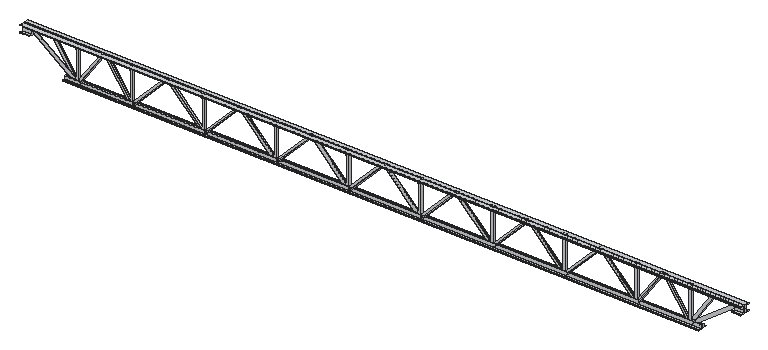
Revit family "b84ca8bc25c7409489ad358ff1eb912d", category Structural Framing, Revit 2021
Family settings
  Structural Framing Length Roundoff = 0' - 0 1/16"
  Section Shape = Not Defined
  Material for Model Behavior = Steel
  Always export as geometry = Yes
  OmniClass Number = 23.25.30.21.14.11
  OmniClass Title = Metal Joists
  Seek Item ID = LH-Series Bar Joist-0000-USA-ENU
  Always vertical = Yes
  Cut with Voids When Loaded = No
  Symbolic Representation = From Family
  Shared = No
  Show family pre-cut in plan views = Yes
Parameters (values of type "24LH05")
  Wt = 13
  Web Thickness = 0' - 1"
  Vertical Member Visibility = yes
  Variable Panel [instance] = (Length - (End Panel * 2) - IntPanelArrayLength) / 2  # 3' - 0"
  Structural Material = none
  Start Offset [instance] = 0' - 0"
  Start Extension [instance] = 0' - 0"
  Seat Length = 0' - 6"
  Seat Depth = 0' - 5"
  IntPanelWidth [instance] = Depth * 2  # 4' - 0"
  IntPanelArrayNum [instance] = (PanelAreaLength / IntPanelWidth) - 2  # 7
  IntPanelArrayLength [instance] = IntPanelArrayNum * IntPanelWidth  # 28' - 0"
  PanelAreaLength [instance] = Length - (End Panel * 2)  # 34' - 0"
  End Panel = 1.5 * Depth  # 3' - 0"
  End Offset [instance] = 0' - 0"
  End Extension [instance] = 0' - 0"
  Cord Leg = 0' - 2 1/2"
  Chord Thickness = 0' - 0 1/2"
  Assembly Code = "B1010350"
  Length [instance] = 40' - 0"
  Depth = 2' - 0"
Types (3): name | Wt | Variable Panel | IntPanelWidth | IntPanelArrayNum | IntPanelArrayLength | PanelAreaLength | End Panel | Depth
  (no name) | 13 | 3' - 0" | 4' - 0" | 7 | 28' - 0" | 34' - 0" | 3' - 0" | 2' - 0"
  24LH05 | 13 | 3' - 0" | 4' - 0" | 7 | 28' - 0" | 34' - 0" | 3' - 0" | 2' - 0"
  40LH10 | 21 | 5' - 0" | 6' - 8" | 3 | 20' - 0" | 30' - 0" | 5' - 0" | 3' - 4"
Reference planes (in)
  plane 1 "Center (Front/Back)": y = 0
  plane 2: z = 0
  plane 3 "Center (Left/Right)": x = 0.1815
  plane 4 "Member Left": x = -159.8185
  plane 5 "Member Right": x = 140.1815
  plane 6: y = 3
  plane 7: y = -3
  plane 8: z = 12
  plane 9: z = -12
  plane 10 "Left": x = -239.8185
  plane 11 "Stick Symbol Left": x = -295.8185
  plane 12 "Stick Symbol Right": x = 295.97348
  plane 13 "Right": x = 240.1815
  plane 14: z = 7
  plane 15: x = -233.8185
  plane 16: x = -203.8185
  plane 17: x = -211.8185
  plane 18: x = 234.1815
  plane 19: x = 204.1815
  plane 20: y = 0.5
  plane 21: y = -0.5
  plane 22: z = 9.5
  plane 23: z = -9.5
  plane 24: x = 212.1815
  plane 25: x = -218.8185
  plane 26: x = -167.8185
  plane 27: x = 168.1815
  plane 28: x = 219.1815
  plane 29: z = -11.75
  plane 30: z = 11.75
  plane 31: x = -239.8185
  plane 32: x = 240.1815
  plane 33: x = -239.8185
  plane 34: x = 240.1815
  plane 35 "Symbol Left": x = -295.8185
  plane 36: x = -295.8185
  plane 37: x = 295.97348
  plane 38 "Symbol Right": x = 295.97348
Forms (in)
  Extrusion 1, solid, material <- "Structural Material", detail levels medium+fine
    sketch origin (0.1815, 0, 0) x (0, 1, 0) y (0, 0, 1)
      loop
        line (3, 12) -> (0.5, 12) -> (0.5, 9.5) -> (1, 9.5) -> (1, 11.5) -> (3, 11.5) -> (3, 12)
      loop
        line (-3, 12) -> (-3, 11.5) -> (-1, 11.5) -> (-1, 9.5) -> (-0.5, 9.5) -> (-0.5, 12) -> (-3, 12)
    from -240 to 240
  Extrusion 2, solid, material <- "Structural Material", detail levels medium+fine
    sketch origin (0.1815, 0, 0) x (0, 1, 0) y (0, 0, 1)
      loop
        line (0.5, -9.5) -> (0.5, -12) -> (3, -12) -> (3, -11.5) -> (1, -11.5) -> (1, -9.5) -> (0.5, -9.5)
      loop
        line (-0.5, -9.5) -> (-1, -9.5) -> (-1, -11.5) -> (-3, -11.5) -> (-3, -12) -> (-0.5, -12) -> (-0.5, -9.5)
    from -212 to 212
  Extrusion 3, solid, material <- "Structural Material", detail levels medium+fine
    sketch origin (0.1815, 0, 0) x (0, 1, 0) y (0, 0, 1)
      loop
        line (3, 7) -> (3, 7.5) -> (1, 7.5) -> (1, 9.5) -> (0.5, 9.5) -> (0.5, 7) -> (3, 7)
      loop
        line (-3, 7) -> (-0.5, 7) -> (-0.5, 9.5) -> (-1, 9.5) -> (-1, 7.5) -> (-3, 7.5) -> (-3, 7)
    from 234 to 240
  Extrusion 4, solid, material <- "Structural Material", detail levels medium+fine
    sketch origin (0.1815, 0, 0) x (0, 1, 0) y (0, 0, 1)
      loop
        line (-3, 7) -> (-0.5, 7) -> (-0.5, 9.5) -> (-1, 9.5) -> (-1, 7.5) -> (-3, 7.5) -> (-3, 7)
      loop
        line (0.5, 7) -> (3, 7) -> (3, 7.5) -> (1, 7.5) -> (1, 9.5) -> (0.5, 9.5) -> (0.5, 7)
    from -240 to -234
  Sweep 5, solid, material <- "Structural Material", detail levels fine
    path in 3D
      loop
        line (204.1815, 0, -11.75) -> (234.1815, 0, 9.5)
    profile "Web-Profile : Web-Profile" origin (219.1815, 0, -1.125) x (-0.578017, 0, 0.816024) y (0, -1, 0)
      loop
        line (-1, 0.75) -> (-1, 0.25) -> (1, 0.25) -> (1, 0.75) -> (-1, 0.75)
  Sweep 6, solid, material <- "Structural Material", detail levels fine
    path in 3D
      loop
        line (219.06721, 0, 9.5) -> (204.1815, 0, -11.75)
    profile "Web-Profile : Web-Profile" origin (211.62436, 0, -1.125) x (0.819038, 0, -0.573739) y (0, -1, 0)
      loop
        line (-1, 0.25) -> (-1, -0.25) -> (1, -0.25) -> (1, 0.25) -> (-1, 0.25)
  Sweep 7, solid, material <- "Structural Material", detail levels fine
    path in 3D
      loop
        line (-233.8185, 0, 9.5) -> (-203.8185, 0, -11.75)
    profile "Web-Profile : Web-Profile" origin (-218.8185, 0, -1.125) x (0.578017, 0, 0.816024) y (0, -1, 0)
      loop
        line (-1, 0.25) -> (-1, -0.25) -> (1, -0.25) -> (1, 0.25) -> (-1, 0.25)
  Sweep 8, solid, material <- "Structural Material", detail levels fine
    path in 3D
      loop
        line (-203.8185, 0, -11.75) -> (-218.8185, 0, 9.5)
    profile "Web-Profile : Web-Profile" origin (-211.3185, 0, -1.125) x (-0.816968, 0, -0.576683) y (0, -1, 0)
      loop
        line (-1, 0.25) -> (-1, -0.25) -> (1, -0.25) -> (1, 0.25) -> (-1, 0.25)
Lines and regions (in)
  symbolic lines, style "StructuralFraming", detail levels coarse
    curve 1: line (0, 3, 12) -> (0, 0.5, 12)
    curve 2: line (0, -3, -12) -> (0, -0.5, -12)
    curve 14: line (0, 0.5, -12) -> (0, 3, -12)
    curve 15: line (0.1815, 0.5, -12) -> (0.1815, 0.5, -9.5)
    curve 16: line (0.1815, -0.5, -12) -> (0.1815, -0.5, -9.5)
    curve 17: line (0.1815, -0.5, 12) -> (0.1815, -0.5, 9.5)
    curve 18: line (0.1815, 0.5, 12) -> (0.1815, 0.5, 9.5)
    curve 19: line (0, -0.5, 12) -> (0, -3, 12)
  symbolic lines, style "StructuralFraming", detail levels coarse+medium
    curve 3: line (0, 0, -12) -> (0, 0, 12)
  reference lines
    curve 4: line (-289.8185, 0, -16.86251) -> (-289.8185, 0, 15.13749)
    curve 5: line (-253.8185, 0, -17.11251) -> (-253.8185, 0, 15.13749)
    curve 6: line (289.97348, 0, -14.77905) -> (289.97348, 0, 15.22095)
    curve 7: line (253.97348, 0, -19.77905) -> (253.97348, 0, 15.22095)
  model lines, style "Web Joist", detail levels coarse
    curve 8: line (253.97348, 0, -12) -> (-253.8185, 0, -12)
    curve 9: line (295.97348, 0, 12) -> (-295.8185, 0, 12)
    curve 20: line (-253.8185, 0, -12) -> (-289.8185, 0, 12)
    curve 21: line (253.97348, 0, -12) -> (289.97348, 0, 12)
  model lines, style "StructuralFraming", detail levels medium
    curve 10: line (-203.8185, 0, -11.75) -> (-218.8185, 0, 9.5)
    curve 11: line (-233.8185, 0, 9.5) -> (-203.8185, 0, -11.75)
    curve 12: line (219.06721, 0, 9.5) -> (204.1815, 0, -11.75)
    curve 13: line (204.1815, 0, -11.75) -> (234.1815, 0, 9.5)
  sketch lines
    curve 22: line (204.1815, 0, -11.75) -> (234.1815, 0, 9.5)
    curve 23: line (219.06721, 0, 9.5) -> (204.1815, 0, -11.75)
    curve 24: line (-233.8185, 0, 9.5) -> (-203.8185, 0, -11.75)
    curve 25: line (-203.8185, 0, -11.75) -> (-218.8185, 0, 9.5)
  symbolic lines, style "StructuralFraming", detail levels fine
    curve 26: line (0.1815, 0.5, 9.5) -> (0.1815, 0.5, -9.5)
  symbolic lines, detail levels fine
    curve 27: line (0.1815, -0.5, 9.5) -> (0.1815, -0.5, -9.5)
    curve 28: line (0.1815, 0.5, 11.75) -> (0.1815, -0.5, 11.75)
    curve 29: line (0.1815, 0.5, -11.75) -> (0.1815, -0.5, -11.75)
Dimensions and locks (in)
  equal spacing: plane 9, plane 2, plane 8
  "Length": plane 10 "Left" to plane 13 "Right"
  equal spacing: plane 10 "Left", plane 3 "Center (Left/Right)", plane 13 "Right"
  "End Panel": curve 5 to curve 4
  "End Panel": curve 6 to curve 7
  "Depth": plane 9 to plane 8
  "Seat Depth": plane 8 to plane 14
  locked: plane 17 to plane 16 at 8
  "End Panel": plane 10 "Left" to plane 16
  "End Panel": plane 13 "Right" to plane 19
  "Web Thickness": plane 20 to plane 21
  equal spacing: plane 20, plane 1 "Center (Front/Back)", plane 21
  "Cord Leg": plane 21 to plane 7
  "Cord Leg": plane 6 to plane 20
  "Cord Leg": plane 9 to plane 23
  "Cord Leg": plane 22 to plane 8
  "Chord Thickness": plane 8 to Extrusion 1 sketch curve
  "Chord Thickness": Extrusion 1 sketch curve to plane 8
  "Chord Thickness": plane 21 to Extrusion 1 sketch curve
  "Chord Thickness": Extrusion 1 sketch curve to plane 20
  "Chord Thickness": plane 9 to Extrusion 2 sketch curve  (x2)
  "Chord Thickness": Extrusion 2 sketch curve to plane 20
  "Chord Thickness": plane 21 to Extrusion 2 sketch curve
  plane 19 to plane 24 = 0' - 8"
  "Chord Thickness": plane 14 to Extrusion 3 sketch curve  (x2)
  "Chord Thickness": plane 21 to Extrusion 3 sketch curve
  "Chord Thickness": Extrusion 3 sketch curve to plane 20
  "Chord Thickness": plane 14 to Extrusion 4 sketch curve  (x2)
  "Chord Thickness": Extrusion 4 sketch curve to plane 20
  "Chord Thickness": plane 21 to Extrusion 4 sketch curve
  locked: plane 29 to plane 9 at 0.25
  locked: plane 8 to plane 30 at 0.25
  equal spacing: plane 16, plane 25, plane 15
  equal spacing: plane 18, plane 28, plane 19
  equal spacing: plane 27, plane 3 "Center (Left/Right)", plane 26
  "IntPanelArrayLength": plane 27 to plane 26
  equal spacing: group 1, group 3, group 4, group 5, group 6, group 7, group 2  (x2)
  equal spacing: group 2, group 7, group 6, group 5, group 4, group 3, group 1
  "Start Offset": plane 10 "Left" to plane 33
  "Seat Length": plane 15 to plane 33
  "Start Extension": plane 31 to plane 33
  "End Offset": plane 34 to plane 13 "Right"
  "Seat Length": plane 18 to plane 34
  "End Extension": plane 34 to plane 32
  "Seat Length": curve 4 to plane 36
  "Start Offset": plane 36 to plane 11 "Stick Symbol Left"
  "Start Extension": plane 36 to plane 35 "Symbol Left"
  "Seat Length": plane 37 to curve 6
  "End Extension": plane 38 "Symbol Right" to plane 37
  "End Offset": plane 12 "Stick Symbol Right" to plane 37
  aligned and locked: curve 8 to plane 9
  aligned and locked: curve 9 to plane 8
  aligned and locked: curve 5 to curve 8
  aligned and locked: curve 7 to curve 8
  aligned and locked: plane 8 to Extrusion 1 sketch curve
  aligned and locked: Extrusion 1 sketch curve to plane 8
  aligned and locked: plane 6 to Extrusion 1 sketch curve
  aligned and locked: plane 7 to Extrusion 1 sketch curve
  aligned and locked: Extrusion 1 sketch curve to plane 22
  aligned and locked: plane 22 to Extrusion 1 sketch curve
  aligned and locked: plane 9 to Extrusion 2 sketch curve
  aligned and locked: Extrusion 2 sketch curve to plane 9
  aligned and locked: plane 6 to Extrusion 2 sketch curve
  aligned and locked: plane 7 to Extrusion 2 sketch curve
  aligned and locked: plane 20 to Extrusion 2 sketch curve
  aligned and locked: plane 21 to Extrusion 2 sketch curve
  aligned and locked: Extrusion 2 sketch curve to plane 23
  aligned and locked: plane 23 to Extrusion 2 sketch curve
  aligned and locked: plane 24 to Extrusion 2
  aligned and locked: plane 17 to Extrusion 2
  aligned and locked: Extrusion 3 sketch curve to plane 7
  aligned and locked: plane 14 to Extrusion 3 sketch curve
  aligned and locked: Extrusion 3 sketch curve to plane 14
  aligned and locked: Extrusion 3 sketch curve to plane 6
  aligned and locked: Extrusion 3 sketch curve to plane 21
  aligned and locked: Extrusion 3 sketch curve to plane 20
  aligned and locked: Extrusion 3 sketch curve to plane 22
  aligned and locked: plane 22 to Extrusion 3 sketch curve
  aligned and locked: Extrusion 3 to plane 18
  aligned and locked: plane 6 to Extrusion 4 sketch curve
  aligned and locked: Extrusion 4 sketch curve to plane 7
  aligned and locked: Extrusion 4 sketch curve to plane 20
  aligned and locked: plane 21 to Extrusion 4 sketch curve
  aligned and locked: plane 22 to Extrusion 4 sketch curve  (x2)
  aligned and locked: Extrusion 4 sketch curve to plane 14  (x2)
  aligned and locked: plane 15 to Extrusion 4
  aligned and locked: Extrusion 2 to curve 15
  aligned and locked: curve 15 to Extrusion 2
  aligned and locked: curve 2 to curve 16
  aligned and locked: curve 16 to Extrusion 2
  aligned and locked: Extrusion 1 to curve 17
  aligned and locked: curve 17 to Extrusion 1
  aligned and locked: curve 18 to Extrusion 1  (x2)
  aligned and locked: curve 1 to Extrusion 1
  aligned and locked: plane 1 "Center (Front/Back)" to nested 1
  aligned and locked: plane 26 to nested 1
  aligned and locked: plane 27 to nested 2
  aligned and locked: plane 1 "Center (Front/Back)" to nested 4
  aligned and locked: nested 4 to plane 16
  aligned and locked: Extrusion 4 to curve 11
  aligned and locked: curve 13 to Extrusion 3
  aligned and locked: plane 25 to curve 10
  aligned and locked: curve 4 to curve 20
  aligned and locked: curve 6 to curve 21
  aligned and locked: plane 31 to Extrusion 1
  aligned and locked: plane 31 to Extrusion 4
  aligned and locked: Extrusion 3 to plane 32
  aligned and locked: Extrusion 1 to plane 32
  aligned and locked: plane 1 "Center (Front/Back)" to nested 5
  aligned and locked: nested 5 to plane 27
  aligned and locked: plane 9 to nested 4
  aligned and locked: plane 9 to nested 1
  aligned and locked: plane 9 to nested 5
  aligned and locked: plane 35 "Symbol Left" to curve 9
  aligned and locked: plane 38 "Symbol Right" to curve 9
Automatic sketch dimensions
  Extrusion 1 sketch curve to plane 21 = 0' - 0"
  Extrusion 1 sketch curve to plane 20 = 0' - 0"
  curve 14 to plane 6 = 0' - 0"
  curve 1 to plane 6 = 0' - 0"
  curve 14 to plane 9 = 0' - 0"
  curve 14 to plane 20 = 0' - 0"
  curve 1 to plane 20 = 0' - 0"
  curve 19 to plane 8 = 0' - 0"
  curve 19 to plane 21 = 0' - 0"
  curve 19 to plane 7 = 0' - 0"
  curve 2 to plane 7 = 0' - 0"
  curve 2 to plane 9 = 0' - 0"
  curve 2 to plane 21 = 0' - 0"
  curve 3 to plane 1 "Center (Front/Back)" = 0' - 0"
  curve 3 to plane 9 = 0' - 0"
  curve 29 to plane 29 = 0' - 0"
  curve 16 to plane 23 = 0' - 0"
  curve 26 to plane 23 = 0' - 0"
  curve 26 to plane 22 = 0' - 0"
  curve 17 to plane 22 = 0' - 0"
  curve 28 to plane 30 = 0' - 0"
  curve 3 to plane 8 = 0' - 0"
  plane 9 to curve 7 = 0' - 7.77905"
  plane 9 to curve 5 = 0' - 5.11251"
  plane 9 to curve 4 = 0' - 4.86251"
  plane 9 to curve 6 = 0' - 2.77905"
  curve 5 to plane 8 = 0' - 3.13749"
  curve 4 to plane 8 = 0' - 3.13749"
  curve 7 to plane 8 = 0' - 3.22095"
  curve 6 to plane 8 = 0' - 3.22095"
  curve 11 to plane 15 = 0' - 0"
  plane 16 to curve 10 = 0' - 0"
  curve 12 to plane 19 = 0' - 0"
  curve 12 to plane 22 = 0' - 0"
  curve 13 to plane 18 = 0' - 0"
  curve 10 to plane 29 = 0' - 0"
  curve 13 to plane 29 = 0' - 0"
  curve 10 to plane 22 = 0' - 0"
  plane 28 to curve 12 = 0' - 0.11429"
Nested families (in)
  nested 1: "Angled Web" at (-167.8185, 0, 0), type "Angled Web"
  nested 2: "Angled Web" at (120.1815, 0, 0), type "Angled Web"
  nested 3: "Angled Web" at (-119.8185, 0, 0), type "Angled Web"
  nested 4: "Angled Web-Variable-Left" at (-203.8185, 0, 0), PanelWidth <- "Variable Panel", type "Angled Web-Variable-Left"
    with PanelWidth 3' - 0"
  nested 5: "Angled Web-Variable-Right" at (168.1815, 0, 0), PanelWidth <- "Variable Panel", type "Angled Web-Variable-Right"
    with PanelWidth 3' - 0"
  nested 6: "Angled Web" at (-71.8185, 0, 0), type "Angled Web"
  nested 7: "Angled Web" at (-23.8185, 0, 0), type "Angled Web"
  nested 8: "Angled Web" at (24.1815, 0, 0), type "Angled Web"
  nested 9: "Angled Web" at (72.1815, 0, 0), type "Angled Web"
Definition of nested family "Angled Web"
  Parameters
    WebMaterial = none
    Web Thickness = Thickness / 2  # 0' - 0 1/2"
    Web Offset = Web Leg / 2  # 0' - 1"
    Web Leg = 0' - 2"
    Vertical Member Visibility = yes
    Thickness = 0' - 1"
    PanelHeight = 2' - 0"
    PanelWidth = 4' - 0"
    Assembly Code = ""
  Reference planes (in)
    plane 1 "Center (Front/Back)": y = 0
    plane 2: z = 0
    plane 3 "Center (Left/Right)": x = 0
    plane 4: x = 48
    plane 5: x = 24
    plane 6: z = -12
    plane 7: z = -11
    plane 8: z = 11
    plane 9: z = 12
    plane 10: y = -0.5
    plane 11: y = 0.5
    plane 12: z = 9.5
    plane 13: z = -9.5
  Forms (in)
    Sweep 1, solid, material <- "WebMaterial", detail levels fine
      path in 3D
        loop
          line (0, 0, -11) -> (1, 0, -11) -> (23, 0, 11) -> (25, 0, 11)
      profile origin (0.5, 0, -11) x (0, 0, 1) y (0, -1, 0)
        loop
          line (1, 0) -> (1, 0.5) -> (-1, 0.5) -> (-1, 0) -> (1, 0)
    Sweep 2, solid, material <- "WebMaterial", detail levels fine
      path in 3D
        loop
          line (48, 0, -11) -> (47, 0, -11) -> (25, 0, 11) -> (23, 0, 11)
      profile origin (47.5, 0, -11) x (0, 0, -1) y (0, -1, 0)
        loop
          line (-1, -0.5) -> (1, -0.5) -> (1, 0) -> (-1, 0) -> (-1, -0.5)
    Sweep 3, solid, material <- "WebMaterial", detail levels fine
      path in 3D
        loop
          line (3.91421, -0.5, -9.5) -> (22.91421, -0.5, 9.5)
      profile origin (13.41421, -0.5, 0) x (-0.707107, 0, 0.707107) y (0, -1, 0)
        loop
          line (0, 0) -> (0.5, 0) -> (0.5, 1.5) -> (0, 1.5) -> (0, 0)
    Sweep 4, solid, material <- "WebMaterial", detail levels fine
      path in 3D
        loop
          line (44.08579, 0.5, -9.5) -> (25.08579, 0.5, 9.5)
      profile origin (34.58579, 0.5, 0) x (0.707107, 0, 0.707107) y (0, 1, 0)
        loop
          line (0, 0) -> (0.5, 0) -> (0.5, 1.5) -> (0, 1.5) -> (0, 0)
    Sweep 5, solid, material <- "WebMaterial", visible <- "Vertical Member Visibility", detail levels fine
      path origin (0, 0, 0) x (1, 0, 0) y (0, 1, 0)
        loop
          line (48, 0.5) -> (48, -0.5)
      profile origin (48, 0, 0) x (1, 0, 0) y (0, 0, 1)
        loop
          line (-1, 12) -> (-1, 8.75) -> (-0.5625, 8.3125) -> (-0.5625, -8.3125) -> (-1, -8.75) -> (-1, -12) -> (1, -12) -> (1, 12) -> (-1, 12)
  Cuts and joins
    joined: Sweep 1, Sweep 3
    joined: Sweep 2, Sweep 4
  Lines and regions (in)
    model lines, detail levels medium+fine
      curve 1: line (0, 0, -12) -> (0, 0, 12)
      curve 2: line (0, 0, 12) -> (48, 0, 12)
      curve 3: line (48, 0, 12) -> (48, 0, -12)
      curve 4: line (48, 0, -12) -> (0, 0, -12)
    model lines, detail levels medium
      curve 5: line (23, 0, 11) -> (25, 0, 11)
      curve 6: line (0, 0, -11) -> (1, 0, -11)
      curve 7: line (48, 0, -11) -> (47, 0, -11)
      curve 8: line (1, 0, -11) -> (23, 0, 11)
      curve 9: line (25, 0, 11) -> (47, 0, -11)
    sketch lines
      curve 10: line (0, 0, -11) -> (1, 0, -11)
      curve 11: line (1, 0, -11) -> (23, 0, 11)
      curve 12: line (23, 0, 11) -> (25, 0, 11)
      curve 13: line (48, 0, -11) -> (47, 0, -11)
      curve 14: line (25, 0, 11) -> (47, 0, -11)
      curve 15: line (23, 0, 11) -> (25, 0, 11)
      curve 16: line (3.91421, -0.5, -9.5) -> (22.91421, -0.5, 9.5)
      curve 17: line (44.08579, 0.5, -9.5) -> (25.08579, 0.5, 9.5)
    model lines, visible <- "Vertical Member Visibility", detail levels medium
      curve 18: line (48, 0, 12) -> (48, 0, -12)
  Dimensions and locks (in)
    "PanelWidth": plane 4 to plane 3 "Center (Left/Right)"
    equal spacing: plane 4, plane 5, plane 3 "Center (Left/Right)"
    plane 7 to plane 6 = 0' - 1"
    "Thickness": plane 9 to plane 8
    "PanelHeight": plane 9 to plane 6
    equal spacing: plane 9, plane 2, plane 6
    "Thickness": plane 11 to plane 10
    equal spacing: plane 11, plane 1 "Center (Front/Back)", plane 10
    locked: plane 9 to plane 12 at 2.5
    plane 13 to plane 6 = 0' - 2 1/2"
    "Web Offset": plane 7 to plane 6
    "Web Offset": curve 6 to plane 3 "Center (Left/Right)"
    "Web Offset": curve 7 to plane 4
    "Web Offset": plane 5 to curve 5
    "Web Offset": curve 5 to plane 5
    "Web Leg": Sweep 1 sketch curve to Sweep 1 sketch curve
    equal spacing: Sweep 1 sketch curve, plane 7, Sweep 1 sketch curve
    equal spacing: Sweep 2 sketch curve, profile plane, Sweep 2 sketch curve
    "Web Leg": Sweep 2 sketch curve to Sweep 2 sketch curve
    "Web Leg": plane 1 "Center (Front/Back)" to Sweep 3 sketch curve
    "Web Thickness": Sweep 3 sketch curve to Sweep 3 sketch curve
    "Web Leg": plane 1 "Center (Front/Back)" to Sweep 4 sketch curve
    "Web Thickness": Sweep 4 sketch curve to Sweep 4 sketch curve
    locked: Sweep 5 sketch curve to Sweep 5 sketch curve at 3.25  (x2)
    equal spacing: Sweep 5 sketch curve, plane 4, Sweep 5 sketch curve  (x2)
    "Web Leg": Sweep 5 sketch curve to Sweep 5 sketch curve
    locked: Sweep 5 sketch curve to Sweep 5 sketch curve at 0.4375
    equal spacing: Sweep 5 sketch curve, plane 2, Sweep 5 sketch curve
    locked: Sweep 5 sketch curve to Sweep 5 sketch curve (angle 135.00°)  (x2)
    aligned and locked: plane 8 to curve 5
    aligned and locked: curve 7 to plane 7
    aligned and locked: plane 7 to curve 6
    aligned and locked: plane 9 to curve 2
    aligned and locked: plane 10 to Sweep 1 sketch curve
    aligned and locked: Sweep 1 sketch curve to plane 1 "Center (Front/Back)"
    aligned and locked: Sweep 2 sketch curve to plane 11
    aligned and locked: profile plane to Sweep 2 sketch curve
    aligned and locked: Sweep 1 to curve 16
    aligned and locked: Sweep 3 sketch curve to profile plane
    aligned and locked: plane 10 to Sweep 3 sketch curve
    aligned and locked: Sweep 4 sketch curve to plane 11
    aligned and locked: profile plane to Sweep 4 sketch curve
    aligned and locked: plane 4 to Sweep 5 sketch curve
    aligned and locked: plane 11 to Sweep 5 sketch curve
    aligned and locked: plane 10 to Sweep 5 sketch curve
    aligned and locked: plane 9 to Sweep 5 sketch curve
    aligned and locked: Sweep 5 sketch curve to plane 6
    aligned and locked: plane 3 "Center (Left/Right)" to curve 1
    aligned and locked: curve 4 to plane 6
    aligned and locked: plane 4 to curve 18
    aligned and locked: curve 2 to curve 18
Definition of nested family "Angled Web-Variable-Left"
  Parameters
    WebMaterial = none
    Web Thickness = Thickness / 2  # 0' - 0 1/2"
    Web Offset = Web Leg / 2  # 0' - 1"
    Web Leg = 0' - 2"
    Vertical Member Visibility = yes
    Thickness = 0' - 1"
    PanelHeight = 2' - 0"
    PanelWidth [instance] = 5' - 0"
    Assembly Code = ""
  Reference planes (in)
    plane 1 "Center (Front/Back)": y = 0
    plane 2: z = 0
    plane 3 "Center (Left/Right)": x = 0
    plane 4: x = 60
    plane 5: x = 30
    plane 6: z = -12
    plane 7: z = -11
    plane 8: z = 11
    plane 9: z = 12
    plane 10: y = -0.5
    plane 11: y = 0.5
    plane 12: z = 9.5
    plane 13: z = -9.5
  Forms (in)
    Sweep 1, solid, material <- "WebMaterial", detail levels fine
      path in 3D
        loop
          line (0, 0, -11) -> (1, 0, -11) -> (29, 0, 11) -> (31, 0, 11)
      profile origin (0.5, 0, -11) x (0, 0, 1) y (0, -1, 0)
        loop
          line (1, 0) -> (1, 0.5) -> (-1, 0.5) -> (-1, 0) -> (1, 0)
    Sweep 2, solid, material <- "WebMaterial", detail levels fine
      path in 3D
        loop
          line (60, 0, -11) -> (59, 0, -11) -> (31, 0, 11) -> (29, 0, 11)
      profile origin (59.5, 0, -11) x (0, 0, -1) y (0, -1, 0)
        loop
          line (-1, -0.5) -> (1, -0.5) -> (1, 0) -> (-1, 0) -> (-1, -0.5)
    Sweep 3, solid, material <- "WebMaterial", detail levels fine
      path in 3D
        loop
          line (4.12592, -0.5, -9.81567) -> (28.78985, -0.5, 9.56313)
      profile origin (16.45789, -0.5, -0.12627) x (-0.617822, 0, 0.786318) y (0, -1, 0)
        loop
          line (0, 0) -> (0.5, 0) -> (0.5, 1.5) -> (0, 1.5) -> (0, 0)
    Sweep 4, solid, material <- "WebMaterial", detail levels fine
      path in 3D
        loop
          line (55.87408, 0.5, -9.81567) -> (31.21015, 0.5, 9.56313)
      profile origin (43.54211, 0.5, -0.12627) x (0.617822, 0, 0.786318) y (0, 1, 0)
        loop
          line (0, 0) -> (0.5, 0) -> (0.5, 1.5) -> (0, 1.5) -> (0, 0)
    Sweep 5, solid, material <- "WebMaterial", visible <- "Vertical Member Visibility", detail levels fine
      path origin (0, 0, 0) x (1, 0, 0) y (0, 1, 0)
        loop
          line (0, 0.5) -> (0, -0.5)
      profile origin (0, 0, 0) x (1, 0, 0) y (0, 0, 1)
        loop
          line (-1, 12) -> (-1, 8.75) -> (-0.5625, 8.3125) -> (-0.5625, -8.3125) -> (-1, -8.75) -> (-1, -12) -> (1, -12) -> (1, 12) -> (-1, 12)
    Sweep 6, solid, material <- "WebMaterial", visible <- "Vertical Member Visibility", detail levels fine
      path origin (0, 0, 0) x (1, 0, 0) y (0, 1, 0)
        loop
          line (60, 0.5) -> (60, -0.5)
      profile origin (60, 0, 0) x (1, 0, 0) y (0, 0, 1)
        loop
          line (-1, 12) -> (-1, 8.75) -> (-0.5625, 8.3125) -> (-0.5625, -8.3125) -> (-1, -8.75) -> (-1, -12) -> (1, -12) -> (1, 12) -> (-1, 12)
  Cuts and joins
    joined: Sweep 1, Sweep 3
    joined: Sweep 2, Sweep 4
  Lines and regions (in)
    model lines, detail levels medium+fine
      curve 1: line (0, 0, -12) -> (0, 0, 12)
      curve 2: line (0, 0, 12) -> (60, 0, 12)
      curve 3: line (60, 0, 12) -> (60, 0, -12)
      curve 4: line (60, 0, -12) -> (0, 0, -12)
    model lines, detail levels medium
      curve 5: line (29, 0, 11) -> (31, 0, 11)
      curve 6: line (0, 0, -11) -> (1, 0, -11)
      curve 7: line (60, 0, -11) -> (59, 0, -11)
      curve 8: line (1, 0, -11) -> (29, 0, 11)
      curve 9: line (31, 0, 11) -> (59, 0, -11)
    sketch lines
      curve 10: line (0, 0, -11) -> (1, 0, -11)
      curve 11: line (1, 0, -11) -> (29, 0, 11)
      curve 12: line (29, 0, 11) -> (31, 0, 11)
      curve 13: line (60, 0, -11) -> (59, 0, -11)
      curve 14: line (31, 0, 11) -> (59, 0, -11)
      curve 15: line (29, 0, 11) -> (31, 0, 11)
      curve 16: line (4.12592, -0.5, -9.81567) -> (28.78985, -0.5, 9.56313)
      curve 17: line (55.87408, 0.5, -9.81567) -> (31.21015, 0.5, 9.56313)
    model lines, visible <- "Vertical Member Visibility", detail levels medium
      curve 18: line (0, 0, -12) -> (0, 0, 12)
      curve 19: line (60, 0, 12) -> (60, 0, -12)
  Dimensions and locks (in)
    "PanelWidth": plane 4 to plane 3 "Center (Left/Right)"
    equal spacing: plane 4, plane 5, plane 3 "Center (Left/Right)"
    plane 7 to plane 6 = 0' - 1"
    "Thickness": plane 9 to plane 8
    "PanelHeight": plane 9 to plane 6
    equal spacing: plane 9, plane 2, plane 6
    "Thickness": plane 11 to plane 10
    equal spacing: plane 11, plane 1 "Center (Front/Back)", plane 10
    locked: plane 9 to plane 12 at 2.5
    plane 13 to plane 6 = 0' - 2 1/2"
    "Web Offset": plane 7 to plane 6
    "Web Offset": curve 6 to plane 3 "Center (Left/Right)"
    "Web Offset": curve 7 to plane 4
    "Web Offset": plane 5 to curve 5
    "Web Offset": curve 5 to plane 5
    "Web Leg": Sweep 1 sketch curve to Sweep 1 sketch curve
    equal spacing: Sweep 1 sketch curve, plane 7, Sweep 1 sketch curve
    equal spacing: Sweep 2 sketch curve, profile plane, Sweep 2 sketch curve
    "Web Leg": Sweep 2 sketch curve to Sweep 2 sketch curve
    "Web Leg": plane 1 "Center (Front/Back)" to Sweep 3 sketch curve
    "Web Thickness": Sweep 3 sketch curve to Sweep 3 sketch curve
    "Web Leg": plane 1 "Center (Front/Back)" to Sweep 4 sketch curve
    "Web Thickness": Sweep 4 sketch curve to Sweep 4 sketch curve
    locked: Sweep 5 sketch curve to Sweep 5 sketch curve at 3.25  (x2)
    equal spacing: Sweep 5 sketch curve, plane 3 "Center (Left/Right)", Sweep 5 sketch curve  (x2)
    "Web Leg": Sweep 5 sketch curve to Sweep 5 sketch curve
    locked: Sweep 5 sketch curve to Sweep 5 sketch curve at 0.4375  (x2)
    equal spacing: Sweep 6 sketch curve, plane 4, Sweep 6 sketch curve  (x2)
    "Web Leg": Sweep 6 sketch curve to Sweep 6 sketch curve
    locked: Sweep 6 sketch curve to Sweep 6 sketch curve at 3.25
    Sweep 6 sketch curve to Sweep 6 sketch curve = 0' - 3 1/4"
    locked: Sweep 6 sketch curve to Sweep 6 sketch curve at 0.4375
    locked: Sweep 5 sketch curve to Sweep 5 sketch curve (angle 135.00°)  (x2)
    locked: Sweep 6 sketch curve to Sweep 6 sketch curve (angle 135.00°)  (x2)
    aligned and locked: plane 8 to curve 5
    aligned and locked: curve 7 to plane 7
    aligned and locked: plane 7 to curve 6
    aligned and locked: plane 9 to curve 2
    aligned and locked: plane 10 to Sweep 1 sketch curve
    aligned and locked: Sweep 1 sketch curve to plane 1 "Center (Front/Back)"
    aligned and locked: Sweep 2 sketch curve to plane 11
    aligned and locked: profile plane to Sweep 2 sketch curve
    aligned and locked: Sweep 1 to curve 16
    aligned and locked: Sweep 3 sketch curve to profile plane
    aligned and locked: plane 10 to Sweep 3 sketch curve
    aligned and locked: Sweep 4 sketch curve to plane 11
    aligned and locked: profile plane to Sweep 4 sketch curve
    aligned and locked: Sweep 5 sketch curve to plane 3 "Center (Left/Right)"
    aligned and locked: plane 11 to Sweep 5 sketch curve
    aligned and locked: plane 10 to Sweep 5 sketch curve
    aligned and locked: Sweep 5 sketch curve to plane 9
    aligned and locked: Sweep 5 sketch curve to plane 6
    aligned and locked: plane 11 to Sweep 6 sketch curve
    aligned and locked: plane 10 to Sweep 6 sketch curve
    aligned and locked: plane 4 to Sweep 6 sketch curve
    aligned and locked: plane 9 to Sweep 6 sketch curve
    aligned and locked: Sweep 6 sketch curve to plane 6
    aligned and locked: plane 3 "Center (Left/Right)" to curve 1
    aligned and locked: curve 4 to plane 6
    aligned and locked: plane 4 to curve 19
    aligned and locked: curve 2 to curve 19
    aligned and locked: curve 4 to curve 18
Definition of nested family "Angled Web-Variable-Right"
  Parameters
    WebMaterial = none
    Web Thickness = Thickness / 2  # 0' - 0 1/2"
    Web Offset = Web Leg / 2  # 0' - 1"
    Web Leg = 0' - 2"
    Vertical Member Visibility = yes
    Thickness = 0' - 1"
    PanelHeight = 2' - 0"
    PanelWidth [instance] = 5' - 0"
    Assembly Code = ""
  Reference planes (in)
    plane 1 "Center (Front/Back)": y = 0
    plane 2: z = 0
    plane 3 "Center (Left/Right)": x = 0
    plane 4: x = 60
    plane 5: x = 30
    plane 6: z = -12
    plane 7: z = -11
    plane 8: z = 11
    plane 9: z = 12
    plane 10: y = -0.5
    plane 11: y = 0.5
    plane 12: z = 9.5
    plane 13: z = -9.5
  Forms (in)
    Sweep 1, solid, material <- "WebMaterial", detail levels fine
      path in 3D
        loop
          line (0, 0, -11) -> (1, 0, -11) -> (29, 0, 11) -> (31, 0, 11)
      profile origin (0.5, 0, -11) x (0, 0, 1) y (0, -1, 0)
        loop
          line (1, 0) -> (1, 0.5) -> (-1, 0.5) -> (-1, 0) -> (1, 0)
    Sweep 2, solid, material <- "WebMaterial", detail levels fine
      path in 3D
        loop
          line (60, 0, -11) -> (59, 0, -11) -> (31, 0, 11) -> (29, 0, 11)
      profile origin (59.5, 0, -11) x (0, 0, -1) y (0, -1, 0)
        loop
          line (-1, -0.5) -> (1, -0.5) -> (1, 0) -> (-1, 0) -> (-1, -0.5)
    Sweep 3, solid, material <- "WebMaterial", detail levels fine
      path in 3D
        loop
          line (4.12592, -0.5, -9.81567) -> (28.78985, -0.5, 9.56313)
      profile origin (16.45789, -0.5, -0.12627) x (-0.617822, 0, 0.786318) y (0, -1, 0)
        loop
          line (0, 0) -> (0.5, 0) -> (0.5, 1.5) -> (0, 1.5) -> (0, 0)
    Sweep 4, solid, material <- "WebMaterial", detail levels fine
      path in 3D
        loop
          line (55.87408, 0.5, -9.81567) -> (31.21015, 0.5, 9.56313)
      profile origin (43.54211, 0.5, -0.12627) x (0.617822, 0, 0.786318) y (0, 1, 0)
        loop
          line (0, 0) -> (0.5, 0) -> (0.5, 1.5) -> (0, 1.5) -> (0, 0)
    Sweep 5, solid, material <- "WebMaterial", visible <- "Vertical Member Visibility", detail levels fine
      path origin (0, 0, 0) x (1, 0, 0) y (0, 1, 0)
        loop
          line (60, 0.5) -> (60, -0.5)
      profile origin (60, 0, 0) x (1, 0, 0) y (0, 0, 1)
        loop
          line (-1, 12) -> (-1, 8.75) -> (-0.5625, 8.3125) -> (-0.5625, -8.3125) -> (-1, -8.75) -> (-1, -12) -> (1, -12) -> (1, 12) -> (-1, 12)
  Cuts and joins
    joined: Sweep 1, Sweep 3
    joined: Sweep 2, Sweep 4
  Lines and regions (in)
    model lines, detail levels medium+fine
      curve 1: line (0, 0, -12) -> (0, 0, 12)
      curve 2: line (0, 0, 12) -> (60, 0, 12)
      curve 3: line (60, 0, 12) -> (60, 0, -12)
      curve 4: line (60, 0, -12) -> (0, 0, -12)
    model lines, detail levels medium
      curve 5: line (29, 0, 11) -> (31, 0, 11)
      curve 6: line (0, 0, -11) -> (1, 0, -11)
      curve 7: line (60, 0, -11) -> (59, 0, -11)
      curve 8: line (1, 0, -11) -> (29, 0, 11)
      curve 9: line (31, 0, 11) -> (59, 0, -11)
    sketch lines
      curve 10: line (0, 0, -11) -> (1, 0, -11)
      curve 11: line (1, 0, -11) -> (29, 0, 11)
      curve 12: line (29, 0, 11) -> (31, 0, 11)
      curve 13: line (60, 0, -11) -> (59, 0, -11)
      curve 14: line (31, 0, 11) -> (59, 0, -11)
      curve 15: line (29, 0, 11) -> (31, 0, 11)
      curve 16: line (4.12592, -0.5, -9.81567) -> (28.78985, -0.5, 9.56313)
      curve 17: line (55.87408, 0.5, -9.81567) -> (31.21015, 0.5, 9.56313)
    model lines, visible <- "Vertical Member Visibility", detail levels medium
      curve 18: line (60, 0, 12) -> (60, 0, -12)
  Dimensions and locks (in)
    "PanelWidth": plane 4 to plane 3 "Center (Left/Right)"
    equal spacing: plane 4, plane 5, plane 3 "Center (Left/Right)"
    plane 7 to plane 6 = 0' - 1"
    "Thickness": plane 9 to plane 8
    "PanelHeight": plane 9 to plane 6
    equal spacing: plane 9, plane 2, plane 6
    "Thickness": plane 11 to plane 10
    equal spacing: plane 11, plane 1 "Center (Front/Back)", plane 10
    locked: plane 9 to plane 12 at 2.5
    plane 13 to plane 6 = 0' - 2 1/2"
    "Web Offset": plane 7 to plane 6
    "Web Offset": curve 6 to plane 3 "Center (Left/Right)"
    "Web Offset": curve 7 to plane 4
    "Web Offset": plane 5 to curve 5
    "Web Offset": curve 5 to plane 5
    "Web Leg": Sweep 1 sketch curve to Sweep 1 sketch curve
    equal spacing: Sweep 1 sketch curve, plane 7, Sweep 1 sketch curve
    equal spacing: Sweep 2 sketch curve, profile plane, Sweep 2 sketch curve
    "Web Leg": Sweep 2 sketch curve to Sweep 2 sketch curve
    "Web Leg": plane 1 "Center (Front/Back)" to Sweep 3 sketch curve
    "Web Thickness": Sweep 3 sketch curve to Sweep 3 sketch curve
    "Web Leg": plane 1 "Center (Front/Back)" to Sweep 4 sketch curve
    "Web Thickness": Sweep 4 sketch curve to Sweep 4 sketch curve
    equal spacing: Sweep 5 sketch curve, plane 4, Sweep 5 sketch curve  (x2)
    locked: Sweep 5 sketch curve to Sweep 5 sketch curve at 3.25  (x2)
    "Web Leg": Sweep 5 sketch curve to Sweep 5 sketch curve
    locked: Sweep 5 sketch curve to Sweep 5 sketch curve at 0.4375
    locked: Sweep 5 sketch curve to Sweep 5 sketch curve (angle 135.00°)  (x2)
    aligned and locked: plane 8 to curve 5
    aligned and locked: curve 7 to plane 7
    aligned and locked: plane 7 to curve 6
    aligned and locked: plane 9 to curve 2
    aligned and locked: plane 10 to Sweep 1 sketch curve
    aligned and locked: Sweep 1 sketch curve to plane 1 "Center (Front/Back)"
    aligned and locked: Sweep 2 sketch curve to plane 11
    aligned and locked: profile plane to Sweep 2 sketch curve
    aligned and locked: Sweep 1 to curve 16
    aligned and locked: Sweep 3 sketch curve to profile plane
    aligned and locked: plane 10 to Sweep 3 sketch curve
    aligned and locked: Sweep 4 sketch curve to plane 11
    aligned and locked: profile plane to Sweep 4 sketch curve
    aligned and locked: plane 11 to Sweep 5 sketch curve
    aligned and locked: plane 4 to Sweep 5 sketch curve
    aligned and locked: plane 10 to Sweep 5 sketch curve
    aligned and locked: plane 9 to Sweep 5 sketch curve
    aligned and locked: Sweep 5 sketch curve to plane 6
    aligned and locked: curve 4 to plane 6
    aligned and locked: plane 4 to curve 18
    aligned and locked: curve 2 to curve 18
    aligned and locked: plane 3 "Center (Left/Right)" to curve 1
